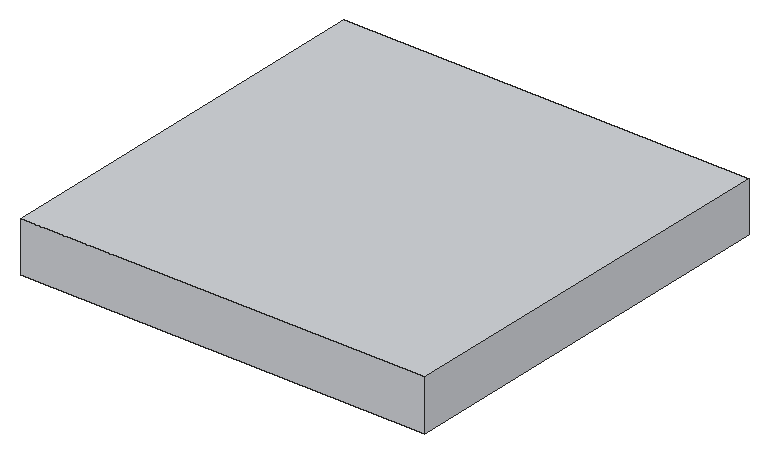
Revit family "Sanitary_Showers_DELABIE_H96BOX-Recessed-housing-for-thermostatic", category Appareils sanitaires, Revit 2018
Family settings
  Hôte = Face
  Cote de connecteur circulaire = Utiliser le diamètre
  Type d'élément = Normal
  Couper avec des vides une fois chargée = Non
  Partagée = Non
  Point de calcul de pièce = Non
Parameters
  Default Elevation = 1219.2 mm
Reference planes
  plane 1 "Centre (avant/arrière)": y = 0
  plane 2: z = 0
  plane 3 "Centre (gauche/droite)": x = 0
Forms (mm)
  Extrusion 1, solid
    sketch origin (0, 0, 0) x (1, 0, 0) y (0, 1, 0)
      loop
        line (-1219.2, 1219.2) -> (-1219.2, -1219.2) -> (1219.2, -1219.2) -> (1219.2, 1219.2) -> (-1219.2, 1219.2)
    from 0 to -304.8
Dimensions and locks
  aligned and locked: plane 2 to Extrusion 1
  aligned and locked: level to Extrusion 1
Nested families
  nested 1: "Sanitary_Showers_DELABIE_H96BOX-Recessed-housing-for-thermostatic" at (0, 0, 0), type "Default"
Connectors
  piping at (37, 163.5, 24.1), diameter 19
    settings: on nested 1, index 1, connector inside diameter 609.6 mm, connector length 0 mm, flow factor 0, pipe flow 0.0 L/s, pressure drop 0.0 Pa, fitting loss kfactor 0, connector angle 0.00°, fixture units 0, engagement length 0 mm, angle of deflection 0.00°, flow configuration 0, flow direction 1, fitting loss method 0, system type 20, joint type 0, gender type 0, connector reference index -1, connector utility 0, adjustable connector no, is connector primary yes, connector description ""
  piping at (0, 163.5, 24.1), diameter 19
    settings: on nested 1, index 2, connector inside diameter 609.6 mm, connector length 0 mm, flow factor 0, pipe flow 0.0 L/s, pressure drop 0.0 Pa, fitting loss kfactor 0, connector angle 0.00°, fixture units 0, engagement length 0 mm, angle of deflection 0.00°, flow configuration 0, flow direction 2, fitting loss method 0, system type 8, joint type 0, gender type 0, connector reference index -1, connector utility 0, adjustable connector no, is connector primary no, connector description ""
  piping at (-37, 163.5, 24.1), diameter 19
    settings: on nested 1, index 3, connector inside diameter 609.6 mm, connector length 0 mm, flow factor 0, pipe flow 0.0 L/s, pressure drop 0.0 Pa, fitting loss kfactor 0, connector angle 0.00°, fixture units 0, engagement length 0 mm, angle of deflection 0.00°, flow configuration 0, flow direction 1, fitting loss method 0, system type 19, joint type 0, gender type 0, connector reference index -1, connector utility 0, adjustable connector no, is connector primary no, connector description ""
Definition of nested family "Sanitary_Showers_DELABIE_H96BOX-Recessed-housing-for-thermostatic"
  Parameters (values of type "Default")
    Youtube clip = ""
    Uniformat II Description = ""
    Uniformat II Code = ""
    Uniclass 2015 Name = "Sanitary fittings and accessories"
    Uniclass 2015 Code = "Pr_40_20"
    Uniclass 2.0 Description = "Shower Mixers"
    Uniclass 2.0 Code = "PR-35-06-82"
    Uniclass 1.4 Description = "Showers"
    Uniclass 1.4 Code = "L7214"
    UNSPSC Code = "301815"
    Technical description = "https://www.delabie.com/products/h96box"
    Region South America = "AR, BO, BR, CL, CO, EC, FK, GF, GY, PE, PY, SR, UY, VE"
    Region Oceania = "AU, FJ, NC, NZ, PG, SB, TL, VU"
    Region North America = "BS, BZ, CA, CR, CU, DO, GL, GT, HN, HT, JM, MX, NI, PA, PR, SV, TT, US"
    Region Middle East = "AE, AF, EG, IL, IQ, IR, JO, KW, LB, OM, PS, QA, SA, SY, TR, YE"
    Region Europe = "AL, AT, BA, BE, BG, BY, CH, CY, CZ, DE, DK, EE, ES, FI, FR, GB, GR, HR, HU, IE, IS, IT, LT, LU, LV, MD, ME, MK, NL, NO, PL, PT, RO, RS, RU, SE, SI, SJ, SK, UA"
    Region Asia = "AM, AZ, BD, BN, BT, CN, GE, ID, IN, JP, KG, KH, KP, KR, KZ, LA, LK, MM, MN, MY, NP, PH, PK, TH, TJ, TM, TW, UZ, VN"
    Region Antarctica = "TF"
    Region Africa = "AO, BF, BI, BJ, BW, CD, CF, CG, CI, CM, DJ, DZ, EH, ER, ET, GA, GH, GM, GN, GQ, GW, KE, LR, LS, LY, MA, MG, ML, MR, MW, MZ, NA, NE, NG, RW, SD, SL, SN, SO, SS, SZ, TD, TG, TN, TZ, UG, ZA, ZM, ZW"
    QR code = "http://bimobject.com/delabie/product/H96BOX"
    Product url = "https://www.delabie.com/products/h96box"
    Product name = "H96BOX Recessed housing for thermostatic shower mixers"
    Product group = "Shower mixer"
    Product family = "Sanitary"
    Product data url = "https://bimobject.com/delabie/product/H96BOX"
    Product certification = "https://www.delabie.com/products/h96box"
    Product SKU = "H96BOX"
    Product Guid = "32a1da81-bbc3-43ca-a3fd-3c0d029c8f7c"
    OmniClass Description = "Thermostatically Controlled Faucet Mixing Valves"
    OmniClass Code = "23-31 11 19 11"
    NBS Reference Description = "Shower Mixers"
    NBS Reference Code = "35-06-82"
    Material secondary = ""
    Material main = ""
    Masterformat 2014 Description = "Healthcare Faucets"
    Masterformat 2014 Code = "22 43 39"
    Manufacturer name = "DELABIE"
    Manufacturer country = "France"
    Installation instructions = "https://www.delabie.com/products/h96box"
    IFC Classification = "Sanitary Terminal"
    GTIN code = "https://3456330188869"
    Edition number = 1
    Design country = "France"
    Date of publishing = ""
    COBIe Type Category = ""
    Brand url = "http://www.delabie.com"
    BOS_1_Visibility = yes
    BOS_1_Material = none
    BOS_0_Visibility = yes
    BOS_0_Material = none
    BIMobject main category code = "sanitary"
    BIMobject main category = "Sanitary"
    BIMobject category code = "showers"
    BIMobject category = "Showers"
  Reference planes
    plane 1 "Center (Front/Back)": y = 0
    plane 2: z = 0
    plane 3 "Center (Left/Right)": x = 0
  Dimensions and locks
    aligned and locked: plane 2 to level
  Imported bodies without a history: 1
